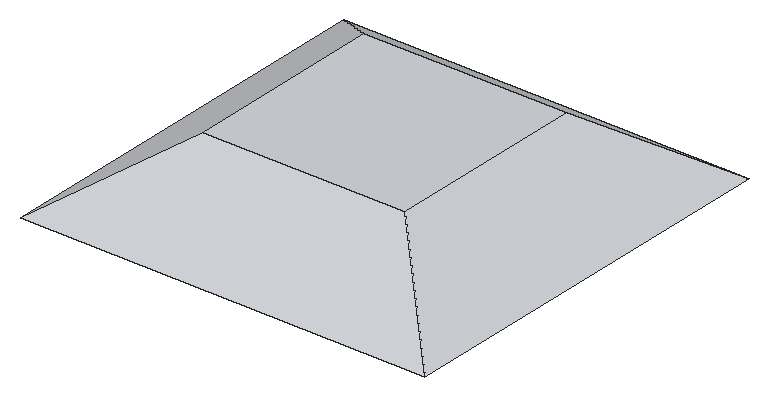
Revit family "Supply Diffuser", category Air Terminals, Revit 2026
Family settings
  Round Connector Dimension = Use Diameter
  Part Type = Normal
  Work Plane-Based = No
  Always vertical = Yes
  Cut with Voids When Loaded = No
  Maintain Annotation Orientation = No
  Shared = No
  Room Calculation Point = No
Parameters (values of type "24 x 24 Face 12 x 12 Connection")
  Width 1 = Diffuser Width * 0.65  # 1' - 3.6"
  Duct Width = 12"
  Duct Height = Duct Width  # 12"
  Diffuser Width = 2' - 0"
  UpArrow [instance] = yes
  Pressure Drop [instance] = 0.0563 in-wg
  RightArrow [instance] = yes
  LeftArrow [instance] = yes
  Flow [instance] = 500 CFM
  DownArrow [instance] = yes
  Diffuser Height = Diffuser Width  # 2' - 0"
  Default Elevation = 0' - 0"
Reference planes (in)
  plane 1 "Center (Front/Back)": y = 0
  plane 2: z = 0
  plane 3 "Center (Left/Right)": x = 0
Forms (in)
  Blend 1, solid
    base sketch origin (0, 0, 0) x (1, 0, 0) y (0, 1, 0)
      loop
        line (-12, 12) -> (-12, -12) -> (12, -12) -> (12, 12) -> (-12, 12)
    top sketch origin (0, 0, 0) x (1, 0, 0) y (0, 1, 0)
      loop
        line (-6, 6) -> (-6, -6) -> (6, -6) -> (6, 6) -> (-6, 6)
    from 0 to 4
Lines and regions (in)
  symbolic lines, style "DuctTerminal"
    curve 1: line (-12, -12, 0) -> (12, 12, 0)
    curve 2: line (12, -12, 0) -> (-12, 12, 0)
    curve 3: line (-12, 12, 0) -> (12, 12, 0)
    curve 4: line (12, 12, 0) -> (12, -12, 0)
    curve 5: line (12, -12, 0) -> (-12, -12, 0)
    curve 6: line (-12, 12, 0) -> (-12, -12, 0)
Dimensions and locks (in)
  equal spacing: Blend 1 sketch curve, plane 3 "Center (Left/Right)", Blend 1 sketch curve  (x2)
  "Diffuser Width": Blend 1 sketch curve to Blend 1 sketch curve
  equal spacing: Blend 1 sketch curve, plane 1 "Center (Front/Back)", Blend 1 sketch curve  (x2)
  "Diffuser Height": Blend 1 sketch curve to Blend 1 sketch curve
  "Duct Width": Blend 1 sketch curve to Blend 1 sketch curve
  "Duct Height": Blend 1 sketch curve to Blend 1 sketch curve
  "Width 1": nested 1 to plane 3 "Center (Left/Right)"
  "Width 1": plane 1 "Center (Front/Back)" to nested 2
  "Width 1": plane 3 "Center (Left/Right)" to nested 3
  "Width 1": plane 1 "Center (Front/Back)" to nested 4
  aligned and locked: Blend 1 to curve 1
  aligned and locked: curve 1 to Blend 1
  aligned and locked: curve 2 to Blend 1
  aligned and locked: curve 6 to Blend 1
Nested families (in)
  nested 1: "Duct Terminal Arrow" at (-15.6, 0, 0) x (-1, 0, 0) z (0, 0, 1), visible <- "LeftArrow", type "Duct Terminal Arrow"
  nested 2: "Duct Terminal Arrow" at (0, 15.6, 0) x (0, 1, 0) z (0, 0, 1), visible <- "UpArrow", type "Duct Terminal Arrow"
  nested 3: "Duct Terminal Arrow" at (15.6, 0, 0), visible <- "RightArrow", type "Duct Terminal Arrow"
  nested 4: "Duct Terminal Arrow" at (0, -15.6, 0) x (0, -1, 0) z (0, 0, 1), visible <- "DownArrow", type "Duct Terminal Arrow"
Connectors (in)
  hvac at (0, 0, 4), driven by "Duct Width", driven by "Duct Width", driven by "Flow", driven by "Pressure Drop"
    settings: on Blend 1, index 0, duct flow 500 CFM, flow factor 0, pres drop 0.0563 in-wg, loss coef 0, conn angle 0.00°, conn width 12", conn height 12", conn diameter 24", duct sys type 1, conn prof type 1, flow config 1, flow direction 1, loss method 4, conn ref index -1, conn util no, is conn primary yes, conn desc ""
Definition of nested family "Duct Terminal Arrow"
  Parameters
    Width = (Length / 2) / cos(15.00°)  # 1.03528"
    Length = 2"
  Reference planes (in)
    plane 1 "Center (Front/Back)": y = 0
    plane 2: z = 0
    plane 3 "Center (Left/Right)": x = 0
  Lines and regions (in)
    Filled region 1, type "Concrete Block", in view "Ref. Level"
      outline origin (0, 0, 0) x (1, 0, 0) y (0, 1, 0)
        loop
          line (1, 0.26795) -> (1, -0.26795) -> (2, 0) -> (1, 0.26795)
    detail lines, in view "Ref. Level"
      curve 1: line (0, 0, 0) -> (2, 0, 0)
      curve 2: line (2, 0, 0) -> (1, 0.26795, 0)
      curve 3: line (2, 0, 0) -> (1, -0.26795, 0)
      curve 4: line (1, 0.26795, 0) -> (1, -0.26795, 0)
  Dimensions and locks (in)
    "Length": curve 1 to curve 1
    "Width": curve 2 to curve 2
    "Width": curve 3 to curve 3
    locked: curve 2 to curve 1 (angle 15.00°)
    locked: curve 1 to curve 3 (angle 15.00°)
    aligned and locked: plane 3 "Center (Left/Right)" to curve 1
    aligned and locked: plane 1 "Center (Front/Back)" to curve 1
    aligned and locked: Filled region 1 sketch curve to curve 4
    aligned and locked: Filled region 1 sketch curve to curve 2
    aligned and locked: Filled region 1 sketch curve to curve 3
